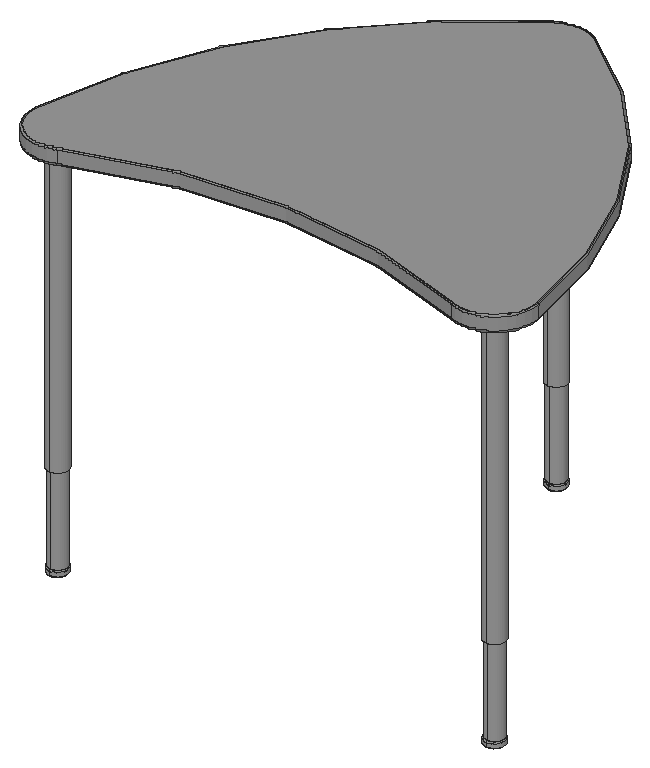
Revit family "Chevron Large Table", category Generic Models, Revit 2018
Family settings
  Can host rebar = No
  Round Connector Dimension = Use Diameter
  Part Type = Normal
  Work Plane-Based = No
  Always vertical = Yes
  Cut with Voids When Loaded = No
  Shared = No
  Room Calculation Point = No
Parameters
  Table Height = 2' - 5"
  Surface = Chevron Large Surface
  Leg Finish = Shapes Leg Platinum
  Edgeband = Chevron Large Edgeband
  Caster/Glider = Shapes Leg - Glide : Shapes Leg - Glide
Reference planes (in)
  plane 1 "Center (Front/Back)": y = 0
  plane 2: z = 0
  plane 3 "Center (Left/Right)": x = 0
  plane 4 "Table Height": z = 29
Dimensions and locks (in)
  "Table Height": plane 4 "Table Height" to level
  aligned and locked: plane 2 to level
Nested families (in)
  nested 1: "Shapes Leg - Glide" at (0, 10.26311, 0) x (0, 1, 0) z (0, 0, 1), Shapes Leg Finish <- "Leg Finish", Leg Height <- "Table Height", type "Shapes Leg - Glide"
    with Shapes Leg Finish Shapes Leg Platinum, Leg Height 2' - 5"
  nested 2: "Shapes Leg - Glide" at (16.20938, -15.72409, 0) x (0, 1, 0) z (0, 0, 1), Shapes Leg Finish <- "Leg Finish", Leg Height <- "Table Height", type <- "Caster/Glider", type "Shapes Leg - Glide"
    with Shapes Leg Finish Shapes Leg Platinum, Leg Height 2' - 5"
  nested 3: "Shapes Leg - Glide" at (-16.20334, -15.72362, 0) x (0, 1, 0) z (0, 0, 1), Shapes Leg Finish <- "Leg Finish", Leg Height <- "Table Height", type <- "Caster/Glider", type "Shapes Leg - Glide"
    with Shapes Leg Finish Shapes Leg Platinum, Leg Height 2' - 5"
  nested 4: "Chevron Large Tabletop" at (0, 0, 0), type "Chevron Large Tabletop"
Definition of nested family "Shapes Leg - Glide"
  Parameters (values of type "Shapes Leg - Glider")
    Shapes Leg Finish [instance] = none
    Leg Height [instance] = 2' - 4 1/2"
  Reference planes (in)
    plane 1 "Center (Front/Back)": y = 0
    plane 2: z = 0
    plane 3 "Center (Left/Right)": x = 0
  Forms (in)
    Extrusion 1, solid
      sketch origin (-0.01562, 0, 0) x (1, 0, 0) y (0, 1, 0)
        loop
          circle (0.01563, 0) r 0.64906
      from 0.50586 to 20.17439
  Dimensions and locks (in)
    "Leg Height": nested 2 to level
    aligned and locked: plane 2 to level
  Automatic sketch dimensions
    plane 1 "Center (Front/Back)" to Extrusion 1 sketch curve = 0' - 0"
    Extrusion 1 sketch curve to plane 3 "Center (Left/Right)" = 0' - 0"
    radius of Extrusion 1 sketch curve = 0' - 0.64906"
  Nested families (in)
    nested 1: "Glider" at (0, 0, 0), type "Glider"
    nested 2: "Shapes Upper Leg" at (0, 0, 0), Shapes Leg Finish <- "Shapes Leg Finish", type "Shapes Upper Leg"
      with Shapes Leg Finish none
  Definition of nested family "Glider"
    Reference planes (in)
      plane 1 "Center (Front/Back)": y = 0
      plane 2: z = 0
      plane 3 "Center (Left/Right)": x = 0
    Forms (in)
      Revolve 1, solid
        sketch origin (0, 0, 0) x (1, 0, 0) y (0, 0, 1)
          loop
            line (0.26614, 0.50586) -> (0, 0.50586) -> (0, 0.09994) -> (0.71656, 0.09994) -> (0.71656, 0.37634)
            arc (0.71656, 0.37634) -> (0.70181, 0.41548) -> (0.66511, 0.43552) r 0.06011
            arc (0.66511, 0.43552) -> (0.46609, 0.45951) -> (0.26614, 0.47365) r 4.06535
            line (0.26614, 0.47365) -> (0.26614, 0.50586)
          axis (0, 0.50586) -> (0, 0.09994)
        angle from 0 to 360
      Revolve 2, solid
        sketch origin (0, 0, 0) x (1, 0, 0) y (0, 0, 1)
          loop
            line (0.65534, 0.1212) -> (0, 0.1212) -> (0, 0) -> (0.57593, 0)
            arc (0.57593, 0) -> (0.63208, 0.02326) -> (0.65534, 0.07941) r 0.07941
            line (0.65534, 0.07941) -> (0.65534, 0.1212)
          axis (0, 0.1212) -> (0, 0)
        angle from 0 to 360
    Dimensions and locks (in)
      aligned and locked: plane 2 to level
  Definition of nested family "Shapes Upper Leg"
    Parameters (values of type "Shapes Upper Leg")
      Shapes Leg Finish [instance] = none
    Reference planes (in)
      plane 1 "Center (Front/Back)": y = 0
      plane 2: z = 0
      plane 3 "Center (Left/Right)": x = 0
    Forms (in)
      Extrusion 1, solid, material <- "Shapes Leg Finish"
        sketch origin (0, 0, 0) x (1, 0, 0) y (0, 1, 0)
          loop
            circle (0, 0) r 0.75
        from 6.5 to 28.5
    Dimensions and locks (in)
      aligned and locked: plane 2 to level
Definition of nested family "Chevron Large Tabletop"
  Parameters (values of type "Chevron Large Tabletop")
    Surface = none
    Edgeband = none
  Reference planes (in)
    plane 1 "Center (Front/Back)": y = 0
    plane 2: z = 0
    plane 3 "Center (Left/Right)": x = 0
  Forms (in)
    Extrusion 1, solid, material <- "Surface"
      sketch origin (0, 0, 0) x (1, 0, 0) y (0, 1, 0)
        loop
          arc (-1.47575, 11.83196) -> (-12.96428, 0.45381) -> (-18.53858, -14.72433) r 37.19148
          arc (-18.53858, -14.72433) -> (-17.451, -17.34819) -> (-14.63329, -17.70598) r 2.82966
          arc (-14.63329, -17.70598) -> (0.00027, -14.74362) -> (14.63382, -17.70598) r 37.62483
          arc (14.63382, -17.70598) -> (17.45153, -17.34819) -> (18.53911, -14.72433) r 2.82966
          arc (18.53911, -14.72433) -> (12.97595, 0.43646) -> (1.51118, 11.80998) r 37.19148
          arc (1.51118, 11.80998) -> (0.02085, 12.24654) -> (-1.47575, 11.83196) r 2.83339
      from 28.5 to 29.625
    Sweep 2, solid, material <- "Edgeband"
      path in 3D
        loop
          arc (-1.47575, 11.83196, 29.625) -> (0.02085, 12.24654, 29.625) -> (1.51118, 11.80998, 29.625) r 2.83339
          arc (1.51118, 11.80998, 29.625) -> (12.97595, 0.43646, 29.625) -> (18.53911, -14.72433, 29.625) r 37.19148
          arc (18.53911, -14.72433, 29.625) -> (17.45153, -17.34819, 29.625) -> (14.63382, -17.70598, 29.625) r 2.82966
          arc (14.63382, -17.70598, 29.625) -> (0.00027, -14.74362, 29.625) -> (-14.63329, -17.70598, 29.625) r 37.62483
          arc (-14.63329, -17.70598, 29.625) -> (-17.451, -17.34819, 29.625) -> (-18.53858, -14.72433, 29.625) r 2.82966
          arc (-18.53858, -14.72433, 29.625) -> (-12.96428, 0.45381, 29.625) -> (-1.47575, 11.83196, 29.625) r 37.19148
      profile origin (-12.96428, 0.45381, 29.625) x (-0.841309, 0.540554, 0) y (0, 0, 1)
        loop
          line (0.10581, -1.01919) -> (0.10581, -0.10581)
          arc (0.10581, -0.10581) -> (0.07482, -0.03099) -> (0, 0) r 0.10581
          line (0, 0) -> (0, -1.125)
          arc (0, -1.125) -> (0.07482, -1.09401) -> (0.10581, -1.01919) r 0.10581
  Lines and regions (in)
    sketch lines
      curve 1: arc (-18.53858, -14.72433, 29.625) -> (-12.96428, 0.45381, 29.625) -> (-1.47575, 11.83196, 29.625) r 37.19148
      curve 2: arc (-1.47575, 11.83196, 29.625) -> (0.02085, 12.24654, 29.625) -> (1.51118, 11.80998, 29.625) r 2.83339
      curve 3: arc (1.51118, 11.80998, 29.625) -> (12.97595, 0.43646, 29.625) -> (18.53911, -14.72433, 29.625) r 37.19148
      curve 4: arc (18.53911, -14.72433, 29.625) -> (17.45153, -17.34819, 29.625) -> (14.63382, -17.70598, 29.625) r 2.82966
      curve 5: arc (14.63382, -17.70598, 29.625) -> (0.00027, -14.74362, 29.625) -> (-14.63329, -17.70598, 29.625) r 37.62483
      curve 6: arc (-14.63329, -17.70598, 29.625) -> (-17.451, -17.34819, 29.625) -> (-18.53858, -14.72433, 29.625) r 2.82966
  Dimensions and locks (in)
    aligned and locked: plane 2 to level
